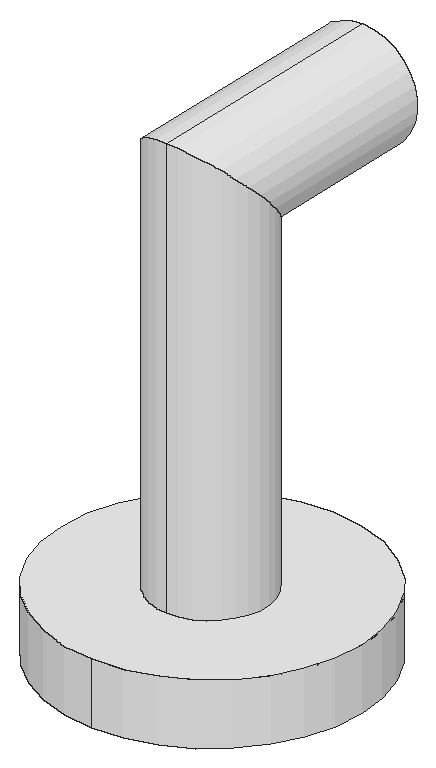
Revit family "BathrobeHolder-Single-Vitra-MinimaxSeries-A44787", category Plumbing Fixtures, host Face, Revit 2017
Family settings
  Host = Face
  Round Connector Dimension = Use Diameter
  Part Type = Normal
  OmniClass Number = 23.45.05.14.99
  OmniClass Title = Other Sanitary Washing Plumbing Fixtures
  Cut with Voids When Loaded = No
  Shared = Yes
  Room Calculation Point = No
Parameters (values of type "BathrobeHolder-Single-Vitra-MinimaxSeries-A44787")
  Youtube = "https://www.youtube.com/user/VitrAglobal"
  Width(mm) = 44 mm
  Weight Net (kg) = "0,215"
  Warranty Period (Year) = "5 years"
  WFU = 0
  Uniformat II Description = "FURNISHINGS"
  Uniformat II Code = ""
  Uniclass 2015 Name = "Towel rails"
  Uniclass 2015 Code = "Pr_40_20_76_90"
  Uniclass 2.0 Description = "Sanitary Accessories"
  Uniclass 1.4 Description = "Sanitary equipment"
  Uniclass 2.0 Code = "PR-31-75"
  Uniclass 1.4 Code = "L721"
  URL = "https://vitraglobal.com/"
  UNSPSC Description = "Sanitary ware"
  UNSPSC Code = "301815"
  Technical description = "https://www.vitraglobal.com/faucets-shower-systems-accessories/accessories/bathrobe-holder/minimax-bathrobe-holder-single-sku-a44787exp/print"
  Tap hole Options (default) = ""
  Sustainability Performance = ""
  Specification = ""
  Region South America = "All"
  Region Oceania = "All"
  Region North America = "All"
  Region Middle East = "All"
  Region Europe = "All"
  Region Asia = "All"
  Region Antarctica = "All"
  Region Africa = "All"
  Product url = "https://www.vitraglobal.com/faucets-shower-systems-accessories/accessories/bathrobe-holder/minimax-bathrobe-holder-single-sku-a44787exp"
  Product group = "Bathrobe Holder"
  Product family = "MinimaxSeries"
  Product data url = ""
  Product certification = "https://vitraglobal.com/catalogues/quality-certificates"
  Product Type = "Built-in Bathrobe Holder"
  Product SKU = "A44787"
  Product Properties = ""
  Product Manual = ""
  Product Guid = ""
  Packaged Weight (kg) = ""
  MountingType = "Wall-mounted"
  HWFU = 0
  HW Connection = no
  GTIP code = ""
  Features = ""
  EAN code = ""
  Date of publishing = ""
  Cost = 0
  Coating Material = Chrome
  OmniClass Description = "Towel Bars"
  OmniClass Code = "23-31 25 25"
  Nominal width = "0.000"
  Nominal height = "0.000"
  NBS Referans Description = "Sanitary Accessories"
  NBS Referans Code = "31-75"
  Model = "A44787"
  Masterformat 2014 Description = "Sanitary Facilities"
  Masterformat 2014 Code = "01 52 19"
  Manufacturer name = "Vitra"
  Manufacturer = "Vitra"
  Installation instructions = ""
  IFC Classification = "Sanitary Terminal"
  Height(mm) = 49 mm
  Design country = "Turkey"
  Description = "Minimax Bathrobe Holder (Single)"
  Depth(mm) = 71 mm
  Default Elevation = 2000 mm
  Color = "Chrome"
  Calculated flow = ""
  CWFU = 0
  CW Connection = no
  COBIe Type Category = ""
  Brand = ""
  BIMobject category = "Sanitary - Bathroom Accessories"
  Article No. (default) = "A44787"
  Approvals = ""
  ApplicationType = ""
  Accessories (default) = ""
Types (5, lengths in mm): name | Product url | Product data url | Product SKU | Model | Brand | Article No. (default)
  (no name) | "https://www.vitraglobal.com/faucets-shower-systems-accessories/accessories/bathrobe-holder/minimax-bathrobe-holder-single-sku-a44787exp" | "" | "A44787" | "A44787" | "" | "A44787"
  BathrobeHolder-Single-Vitra-MinimaxSeries-A44787 | "https://www.vitraglobal.com/faucets-shower-systems-accessories/accessories/bathrobe-holder/minimax-bathrobe-holder-single-sku-a44787exp" | "" | "A44787" | "A44787" | "" | "A44787"
  BathrobeHolder-Single-Vitra-MinimaxSeries-A44787ART | "" | "https://www.vitraglobal.com/faucets-shower-systems-accessories/accessories/bathrobe-holder/minimax-bathrobe-holder-single-sku-a44787exp" | "A44787ART" | "A44787ART" | "" | "A44787ART"
  BathrobeHolder-Single-Vitra-MinimaxSeries-A44787EXP | "" | "https://www.vitraglobal.com/faucets-shower-systems-accessories/accessories/bathrobe-holder/minimax-bathrobe-holder-single-sku-a44787exp" | "A44787EXP" | "A44787EXP" | "VitrA" | "A44787EXP"
  BathrobeHolder-Single-Vitra-MinimaxSeries-A44787VUK | "" | "https://www.vitraglobal.com/faucets-shower-systems-accessories/accessories/bathrobe-holder/minimax-bathrobe-holder-single-sku-a44787exp" | "A44787VUK" | "A44787VUK" | "VitrA" | "A44787VUK"
Reference planes
  plane 1 "Center (Front/Back)": y = 0
  plane 2: z = 0
  plane 3 "Center (Left/Right)": x = 0
  plane 4: z = 0.097
  plane 5: y = 27.5
  plane 6: y = -21.5
  plane 7: x = 21.997
  plane 8: x = -22.003
  plane 9: z = 71
Forms (mm)
  Sweep 1, solid, material "Chrome" <- "Coating Material"
    path origin (7.953, 27.5, 62.569) x (0, 1, 0) y (0, 0, 1)
      loop
        line (0, 0.313) -> (-27.629, 0.313) -> (-27.629, -53.044)
    profile origin (7.953, 13.686, 62.882) x (0, 0, -1) y (1, 0, 0)
      loop
        circle (-0.127, -7.991) r 7.991
  Extrusion 2, solid, material "Chrome" <- "Coating Material"
    sketch origin (-22.88, 0, 0.525) x (0, 1, 0) y (-1, 0, 0)
      loop
        circle (0, -22.88) r 21.997
    from 0 to 9
Cuts and joins
  joined: Sweep 1, Extrusion 2
Dimensions and locks
  "Height(mm)": plane 5 to plane 6
  "Width(mm)": plane 8 to plane 7
  "Depth(mm)": plane 9 to host face
  aligned and locked: plane 2 to host face
  aligned and locked: level to host face
Automatic sketch dimensions
  host sketch curve to host sketch curve = 2438.4 mm  (x2)
  Sweep 1 sketch curve to plane 5 = 0 mm
  plane 1 "Center (Front/Back)" to Sweep 1 sketch curve = 0.129 mm
  plane 9 to Sweep 1 sketch curve = 8.118 mm
  Sweep 1 sketch curve to plane 4 = 9.428 mm
  profile plane to Sweep 1 sketch curve = 0.127 mm
  Sweep 1 sketch curve to profile plane = 7.991 mm
  plane 1 "Center (Front/Back)" to Extrusion 2 sketch curve = 0 mm
  Extrusion 2 sketch curve to plane 3 "Center (Left/Right)" = 0 mm
  radius of Sweep 1 sketch curve = 7.991 mm
  radius of Extrusion 2 sketch curve = 21.997 mm
